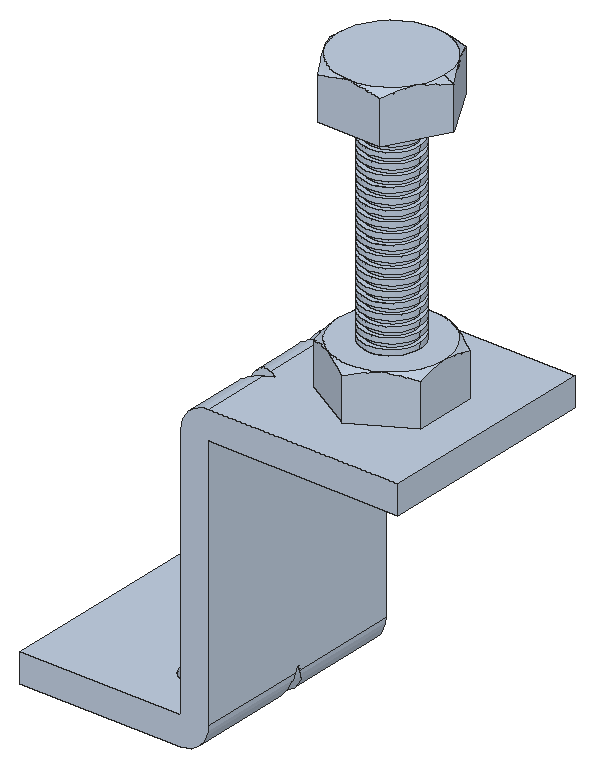
Revit family "HPLZ", category 機械設備, Revit 2020
Family settings
  丸型コネクタ寸法 = 直径を使用
  種別 = なし
  パーツ タイプ = 標準
  作業面ベース = いいえ
  常に垂直 = はい
  ロード時にボイドで切り取り = いいえ
  共有 = はい
  部屋計算ポイント = いいえ
Parameters (values of type "ﾊﾘｼﾀﾋﾟｰｽﾛｯｸ Z40")
  ﾊﾘｼﾀﾋﾟｰｽZ ﾏﾃﾘｱﾙ [instance] = 電気亜鉛メッキ
  高さ = 45 mm
  製造元 = "株式会社サンユー"
  フランジT [instance] = 40 mm
  既定の高さ = 0 mm
  URL = "http://www.3you.co.jp/"
Types (3, lengths in mm): name | ﾊﾘｼﾀﾋﾟｰｽZ ﾏﾃﾘｱﾙ | 高さ | フランジT
  ﾊﾘｼﾀﾋﾟｰｽﾛｯｸ Z20 | none | 25 | 20
  ﾊﾘｼﾀﾋﾟｰｽﾛｯｸ Z40 | 電気亜鉛メッキ | 45 | 40
  ﾊﾘｼﾀﾋﾟｰｽﾛｯｸ Z60 | none | 65 | 60
Reference planes
  plane 1 "中心(正面/背面)": y = 0
  plane 2: z = 0
  plane 3 "中心(左/右)": x = 0
  plane 4: z = 49.5
  plane 5: z = 45
  plane 6: z = 40
  plane 7: z = 12.193
  plane 8: z = 4.5
  plane 9: y = -8.023
  plane 10: x = -9.59
  plane 11: y = 8.023
Forms (mm)
  Extrusion 1, solid, material "電気亜鉛メッキ" <- "ﾊﾘｼﾀﾋﾟｰｽZ ﾏﾃﾘｱﾙ"
    sketch origin (-30, 17.5, 0) x (1, 0, 0) y (0, 0, 1)
      loop
        line (30, 4.5) -> (30, 45) -> (60, 45) -> (60, 49.5) -> (30, 49.5)
        arc (30, 49.5) -> (26.818, 48.182) -> (25.5, 45) r 4.5
        line (25.5, 45) -> (25.5, 4.5) -> (0, 4.5) -> (0, 0) -> (25.5, 0)
        arc (25.5, 0) -> (28.682, 1.318) -> (30, 4.5) r 4.5
    from 0 to 35
  Extrusion 2, void
    sketch origin (0, 0, 0) x (1, 0, 0) y (0, 1, 0)
      loop
        circle (14.998, 0) r 4.5
    from 45 to 49.5
  Extrusion 3, void
    sketch origin (0, -2, 0) x (1, 0, 0) y (0, 1, 0)
      loop
        circle (-9.59, 9.977) r 2.453
    from 0 to 4.5
  Extrusion 4, void
    sketch origin (0, -18, 0) x (1, 0, 0) y (0, 1, 0)
      loop
        circle (-9.59, 9.977) r 2.453
    from 0 to 4.5
  Sweep 5, solid, material "電気亜鉛メッキ" <- "ﾊﾘｼﾀﾋﾟｰｽZ ﾏﾃﾘｱﾙ"
    path origin (0, 0, 0) x (1, 0, 0) y (0, 0, 1)
      loop
        line (-5.024, 13.156) -> (-13.156, 5.024)
    profile origin (-9.09, 0, 9.09) x (0.707107, 0, -0.707107) y (0, -1, 0)
      loop
        line (6.491, 5.495) -> (3.741, 2.745)
        arc (3.741, 2.745) -> (2.417, -0.005) -> (3.741, -2.755) r 3.517
        line (3.741, -2.755) -> (6.491, -5.505) -> (6.491, 5.495)
  Sweep 6, solid, material "電気亜鉛メッキ" <- "ﾊﾘｼﾀﾋﾟｰｽZ ﾏﾃﾘｱﾙ"
    path origin (-5.937, -6, 51.014) x (0, 0, 1) y (-1, 0, 0)
      loop
        line (-5.024, -13.156) -> (-13.156, -5.024)
    profile origin (3.153, -6, 41.924) x (0.707107, 0, -0.707107) y (0, -1, 0)
      loop
        line (-4.491, 3.495) -> (-4.491, -3.505) -> (-2.741, -1.755)
        arc (-2.741, -1.755) -> (-1.869, -0.005) -> (-2.741, 1.745) r 2.192
        line (-2.741, 1.745) -> (-4.491, 3.495)
  Sweep 7, solid, material "電気亜鉛メッキ" <- "ﾊﾘｼﾀﾋﾟｰｽZ ﾏﾃﾘｱﾙ"
    path origin (-5.937, 6, 51.014) x (0, 0, 1) y (1, 0, 0)
      loop
        line (-5.024, 13.156) -> (-13.156, 5.024)
    profile origin (3.153, 6, 41.924) x (-0.707107, 0, 0.707107) y (0, 1, 0)
      loop
        line (4.491, 3.495) -> (2.741, 1.745)
        arc (2.741, 1.745) -> (1.869, -0.005) -> (2.741, -1.755) r 2.192
        line (2.741, -1.755) -> (4.491, -3.505) -> (4.491, 3.495)
  Sweep 8, void
    path origin (-9.687, -6, 54.139) x (0, 0, 1) y (-1, 0, 0)
      loop
        line (-5.024, -13.156) -> (-13.156, -5.024)
    profile origin (-0.597, -6, 45.049) x (0.707107, 0, -0.707107) y (0, -1, 0)
      loop
        line (-4.491, 2.677) -> (-4.491, -2.677)
        arc (-4.491, -2.677) -> (-3.316, -1.202) -> (-1.862, 0) r 9.103
        arc (-1.862, 0) -> (-3.316, 1.202) -> (-4.491, 2.677) r 9.103
  Sweep 9, void
    path origin (-9.687, 6, 54.139) x (0, 0, 1) y (1, 0, 0)
      loop
        line (-5.024, 13.156) -> (-13.156, 5.024)
    profile origin (-0.597, 6, 45.049) x (-0.707107, 0, 0.707107) y (0, 1, 0)
      loop
        arc (4.491, 2.677) -> (3.316, 1.202) -> (1.862, 0) r 9.103
        arc (1.862, 0) -> (3.316, -1.202) -> (4.491, -2.677) r 9.103
        line (4.491, -2.677) -> (4.491, 2.677)
  Sweep 10, void
    path origin (5, 0, -5.048) x (1, 0, 0) y (0, 0, -1)
      loop
        line (-5.024, -13.156) -> (-13.156, -5.024)
    profile origin (-4.09, 0, 4.042) x (-0.707107, 0, 0.707107) y (0, 1, 0)
      loop
        line (-4.491, 2.677) -> (-4.491, -2.677)
        arc (-4.491, -2.677) -> (-3.23, -0.941) -> (-1.301, 0) r 4.438
        arc (-1.301, 0) -> (-3.23, 0.941) -> (-4.491, 2.677) r 4.438
Cuts and joins
  Extrusion 2, Extrusion 3, Extrusion 4, Sweep 8, Sweep 9, Sweep 10 cuts Extrusion 1
  Sweep 9 cuts Sweep 5
  Sweep 9 cuts Sweep 6
  Sweep 9 cuts Sweep 7
  joined: Extrusion 1, Sweep 5, Sweep 6, Sweep 7
Dimensions and locks
  Extrusion 1 to Extrusion 1 to Extrusion 1 to Extrusion 1 = 25.5 mm, 4.5 mm, 30 mm
  Extrusion 1 to Extrusion 1 = 30 mm
  Extrusion 1 to Extrusion 1 = 35 mm  (x2)
  locked: plane 4 to plane 5 at 4.5
  "高さ": plane 5 to level
  "フランジT": plane 6 to level
  aligned and locked: level to plane 2
  aligned and locked: Extrusion 1 to Extrusion 2
  aligned and locked: plane 4 to Extrusion 2
  aligned and locked: plane 5 to cut or joined group 1 (Extrusion 1, Extrusion 2, Extrusion 3, Extrusion 4, Sweep 5, Sweep 6, Sweep 7, Sweep 8, Sweep 9, Sweep 10)
  aligned and locked: nested 2 to cut or joined group 1
  aligned and locked: plane 8 to cut or joined group 1
  aligned and locked: nested 1 to plane 6
Automatic sketch dimensions
  Extrusion 1 sketch curve to plane 8 = 0 mm  (x2)
  Extrusion 1 sketch curve to level = 0 mm
  Extrusion 1 sketch curve to plane 5 = 0 mm  (x2)
  Extrusion 1 sketch curve to plane 3 "中心(左/右)" = 0 mm  (x2)
  Extrusion 1 sketch curve to plane 4 = 0 mm
  Extrusion 1 sketch curve to Extrusion 1 sketch curve = 25.5 mm
  plane 3 "中心(左/右)" to Extrusion 1 sketch curve = 30 mm
  plane 1 "中心(正面/背面)" to Extrusion 2 sketch curve = 0 mm
  plane 3 "中心(左/右)" to Extrusion 2 sketch curve = 14.998 mm
  Extrusion 3 sketch curve to plane 3 "中心(左/右)" = 9.59 mm
  Extrusion 3 sketch curve to plane 1 "中心(正面/背面)" = 7.977 mm
  Extrusion 4 sketch curve to plane 3 "中心(左/右)" = 9.59 mm
  plane 1 "中心(正面/背面)" to Extrusion 4 sketch curve = 8.023 mm
  plane 8 to Sweep 5 sketch curve = 0.524 mm
  Sweep 5 sketch curve to plane 3 "中心(左/右)" = 13.156 mm
  plane 7 to Sweep 5 sketch curve = 0.962 mm
  Sweep 5 sketch curve to plane 3 "中心(左/右)" = 5.024 mm
  Sweep 5 sketch curve to profile plane = 3.741 mm  (x2)
  Sweep 5 sketch curve to profile plane = 0.005 mm
  Sweep 5 sketch curve to Sweep 5 sketch curve = 2.192 mm
  Sweep 5 sketch curve to Sweep 5 sketch curve = 2.75 mm  (x3)
  Sweep 5 sketch curve to profile plane = 2.755 mm
  Sweep 6 sketch curve to plane 3 "中心(左/右)" = 0.913 mm
  Sweep 6 sketch curve to plane 5 = 7.142 mm
  plane 5 to Sweep 6 sketch curve = 0.99 mm
  plane 3 "中心(左/右)" to Sweep 6 sketch curve = 7.218 mm
  profile plane to Sweep 6 sketch curve = 4.491 mm
  Sweep 6 sketch curve to profile plane = 0.005 mm
  Sweep 6 sketch curve to Sweep 6 sketch curve = 0.43 mm
  Sweep 6 sketch curve to Sweep 6 sketch curve = 1.32 mm  (x2)
  Sweep 6 sketch curve to profile plane = 1.755 mm
  Sweep 6 sketch curve to Sweep 6 sketch curve = 1.75 mm  (x2)
  Sweep 7 sketch curve to plane 3 "中心(左/右)" = 0.913 mm
  Sweep 7 sketch curve to plane 5 = 7.142 mm
  plane 5 to Sweep 7 sketch curve = 0.99 mm
  plane 3 "中心(左/右)" to Sweep 7 sketch curve = 7.218 mm
  Sweep 7 sketch curve to profile plane = 2.741 mm  (x2)
  profile plane to Sweep 7 sketch curve = 1.745 mm
  Sweep 7 sketch curve to profile plane = 0.005 mm
  Sweep 7 sketch curve to Sweep 7 sketch curve = 1.32 mm
  Sweep 7 sketch curve to Sweep 7 sketch curve = 1.75 mm  (x3)
  Sweep 8 sketch curve to plane 5 = 4.017 mm
  Sweep 8 sketch curve to plane 4 = 0.385 mm
  plane 3 "中心(左/右)" to Sweep 8 sketch curve = 3.468 mm
  Sweep 8 sketch curve to plane 3 "中心(左/右)" = 4.663 mm
  Sweep 8 sketch curve to profile plane = 0 mm
  profile plane to Sweep 8 sketch curve = 4.491 mm
  Sweep 8 sketch curve to profile plane = 3.178 mm  (x2)
  Sweep 8 sketch curve to profile plane = 2.677 mm
  Sweep 8 sketch curve to profile plane = 7.58 mm
  profile plane to Sweep 8 sketch curve = 2.677 mm
  Sweep 9 sketch curve to plane 5 = 4.017 mm
  Sweep 9 sketch curve to plane 3 "中心(左/右)" = 4.663 mm
  Sweep 9 sketch curve to plane 4 = 0.385 mm
  plane 3 "中心(左/右)" to Sweep 9 sketch curve = 3.468 mm
  profile plane to Sweep 9 sketch curve = 0 mm
  profile plane to Sweep 9 sketch curve = 3.178 mm  (x2)
  Sweep 9 sketch curve to profile plane = 2.677 mm
  Sweep 9 sketch curve to profile plane = 4.491 mm
  Sweep 9 sketch curve to profile plane = 7.58 mm
  profile plane to Sweep 9 sketch curve = 2.677 mm
  Sweep 10 sketch curve to plane 8 = 4.524 mm
  Sweep 10 sketch curve to plane 3 "中心(左/右)" = 8.156 mm
  Sweep 10 sketch curve to plane 7 = 4.086 mm
  Sweep 10 sketch curve to plane 3 "中心(左/右)" = 0.024 mm
  profile plane to Sweep 10 sketch curve = 0 mm
  profile plane to Sweep 10 sketch curve = 4.491 mm
  profile plane to Sweep 10 sketch curve = 0.377 mm  (x2)
  Sweep 10 sketch curve to profile plane = 2.677 mm
  Sweep 10 sketch curve to profile plane = 4.341 mm
  profile plane to Sweep 10 sketch curve = 2.677 mm
  radius of Extrusion 2 sketch curve = 4.5 mm
  radius of Extrusion 3 sketch curve = 2.453 mm
  radius of Extrusion 4 sketch curve = 2.453 mm
Nested families
  nested 1: "ﾎﾞﾙﾄ" at (14.998, 0, 90), type "ﾎﾞﾙﾄ"
    with 高さ 50 mm, ネジ 30
  nested 2: "ﾅｯﾄ" at (14.998, 0, 49.5), type "ﾅｯﾄ"
Definition of nested family "ﾎﾞﾙﾄ"
  Parameters (values of type "ﾎﾞﾙﾄ")
    ﾎﾞﾙﾄ ﾏﾃﾘｱﾙ = none
    高さ = 55 mm
    Default Elevation = 0 mm
    ネジ = 高さ / 1.6 mm - 1  # 33
    ねじ芯R = 3.7 mm
  Reference planes
    plane 1 "中心(正面/背面)": y = 0
    plane 2: z = 0
    plane 3 "中心(左/右)": x = 0
    plane 4: z = 0
    plane 5: z = -55
  Forms (mm)
    Extrusion 1, solid, material <- "ﾎﾞﾙﾄ ﾏﾃﾘｱﾙ"
      sketch origin (-14.99, 0, 0) x (1, 0, 0) y (0, 1, 0)
        loop
          circle (14.99, 0) r 3.7
      from 0 to -55
    Sweep 2, void
      path origin (0, 0, 0) x (1, 0, 0) y (0, 1, 0)
        loop
          circle (0, 0) r 8.5
      profile origin (0, 8.5, 0) x (0, -1, 0) y (0, 0, 1)
        loop
          line (0, 7.7) -> (-1.315, 7.7) -> (-1.315, 6.721)
          arc (-1.315, 6.721) -> (-0.612, 7.149) -> (0, 7.7) r 4.432
    Extrusion 3, solid, material <- "ﾎﾞﾙﾄ ﾏﾃﾘｱﾙ"
      sketch origin (-14.998, 0, -50) x (1, 0, 0) y (0, 1, 0)
        loop
          line (10.09, 8.5) -> (5.183, 0) -> (10.09, -8.5) -> (19.905, -8.5) -> (24.813, 0) -> (19.905, 8.5) -> (10.09, 8.5)
      from 50 to 57.7
  Cuts and joins
    Sweep 2 cuts Extrusion 3
  Dimensions and locks
    equal spacing: group 1, group 2, group 3, group 4, group 5, group 6, group 7, group 8, group 9, group 10, group 11, group 12, group 13, group 14, group 15, group 16, group 17, group 18, group 19, group 20, group 21, group 22, group 23, group 24, group 25, group 26, group 27, group 28, group 29, group 30, group 31, group 32, group 33  (x2)
    equal spacing: group 33, group 32, group 31, group 30, group 29, group 28, group 27, group 26, group 25, group 24, group 23, group 22, group 21, group 20, group 19, group 18, group 17, group 16, group 15, group 14, group 13, group 12, group 11, group 10, group 9, group 8, group 7, group 6, group 5, group 4, group 3, group 2, group 1
    "高さ": plane 4 to plane 5
    "ねじ芯R": radius of Extrusion 1 sketch curve
    aligned and locked: level to plane 2
    aligned and locked: Extrusion 1 to plane 5
  Automatic sketch dimensions
    plane 1 "中心(正面/背面)" to Sweep 2 sketch curve = 0 mm
    Sweep 2 sketch curve to plane 3 "中心(左/右)" = 0 mm
    Sweep 2 sketch curve to profile plane = 0 mm
    profile plane to Sweep 2 sketch curve = 1.315 mm
    profile plane to Sweep 2 sketch curve = 3.259 mm
    profile plane to Sweep 2 sketch curve = 6.721 mm
    Sweep 2 sketch curve to Sweep 2 sketch curve = 0.979 mm
    plane 1 "中心(正面/背面)" to Extrusion 3 sketch curve = 0 mm  (x2)
    Extrusion 3 sketch curve to plane 3 "中心(左/右)" = 9.815 mm
    Extrusion 3 sketch curve to plane 3 "中心(左/右)" = 4.907 mm  (x2)
    plane 3 "中心(左/右)" to Extrusion 3 sketch curve = 4.907 mm  (x2)
    plane 3 "中心(左/右)" to Extrusion 3 sketch curve = 9.815 mm
    plane 1 "中心(正面/背面)" to Extrusion 3 sketch curve = 8.5 mm
    Extrusion 3 sketch curve to plane 1 "中心(正面/背面)" = 8.5 mm
    plane 1 "中心(正面/背面)" to Extrusion 1 sketch curve = 0 mm
    Extrusion 1 sketch curve to plane 3 "中心(左/右)" = 0 mm
    radius of Sweep 2 sketch curve = 8.5 mm
  Nested families
    nested 1: "ねじ山" at (0, 0, -1.312), ねじ山 ﾏﾃﾘｱﾙ <- "ﾎﾞﾙﾄ ﾏﾃﾘｱﾙ", type "ねじ山"
      with 外半径 4.5 mm, 内半径 3.7 mm
    nested 2: "ねじ山" at (0, 0, -2.963), ねじ山 ﾏﾃﾘｱﾙ <- "ﾎﾞﾙﾄ ﾏﾃﾘｱﾙ", type "ねじ山"
      with 外半径 4.5 mm, 内半径 3.7 mm
    nested 3: "ねじ山" at (0, 0, -4.613), ねじ山 ﾏﾃﾘｱﾙ <- "ﾎﾞﾙﾄ ﾏﾃﾘｱﾙ", type "ねじ山"
      with 外半径 4.5 mm, 内半径 3.7 mm
    nested 4: "ねじ山" at (0, 0, -6.263), ねじ山 ﾏﾃﾘｱﾙ <- "ﾎﾞﾙﾄ ﾏﾃﾘｱﾙ", type "ねじ山"
      with 外半径 4.5 mm, 内半径 3.7 mm
    nested 5: "ねじ山" at (0, 0, -7.913), ねじ山 ﾏﾃﾘｱﾙ <- "ﾎﾞﾙﾄ ﾏﾃﾘｱﾙ", type "ねじ山"
      with 外半径 4.5 mm, 内半径 3.7 mm
    nested 6: "ねじ山" at (0, 0, -9.564), ねじ山 ﾏﾃﾘｱﾙ <- "ﾎﾞﾙﾄ ﾏﾃﾘｱﾙ", type "ねじ山"
      with 外半径 4.5 mm, 内半径 3.7 mm
    nested 7: "ねじ山" at (0, 0, -11.214), ねじ山 ﾏﾃﾘｱﾙ <- "ﾎﾞﾙﾄ ﾏﾃﾘｱﾙ", type "ねじ山"
      with 外半径 4.5 mm, 内半径 3.7 mm
    nested 8: "ねじ山" at (0, 0, -12.864), ねじ山 ﾏﾃﾘｱﾙ <- "ﾎﾞﾙﾄ ﾏﾃﾘｱﾙ", type "ねじ山"
      with 外半径 4.5 mm, 内半径 3.7 mm
    nested 9: "ねじ山" at (0, 0, -14.514), ねじ山 ﾏﾃﾘｱﾙ <- "ﾎﾞﾙﾄ ﾏﾃﾘｱﾙ", type "ねじ山"
      with 外半径 4.5 mm, 内半径 3.7 mm
    nested 10: "ねじ山" at (0, 0, -16.165), ねじ山 ﾏﾃﾘｱﾙ <- "ﾎﾞﾙﾄ ﾏﾃﾘｱﾙ", type "ねじ山"
      with 外半径 4.5 mm, 内半径 3.7 mm
    nested 11: "ねじ山" at (0, 0, -17.815), ねじ山 ﾏﾃﾘｱﾙ <- "ﾎﾞﾙﾄ ﾏﾃﾘｱﾙ", type "ねじ山"
      with 外半径 4.5 mm, 内半径 3.7 mm
    nested 12: "ねじ山" at (0, 0, -19.465), ねじ山 ﾏﾃﾘｱﾙ <- "ﾎﾞﾙﾄ ﾏﾃﾘｱﾙ", type "ねじ山"
      with 外半径 4.5 mm, 内半径 3.7 mm
    nested 13: "ねじ山" at (0, 0, -21.115), ねじ山 ﾏﾃﾘｱﾙ <- "ﾎﾞﾙﾄ ﾏﾃﾘｱﾙ", type "ねじ山"
      with 外半径 4.5 mm, 内半径 3.7 mm
    nested 14: "ねじ山" at (0, 0, -22.766), ねじ山 ﾏﾃﾘｱﾙ <- "ﾎﾞﾙﾄ ﾏﾃﾘｱﾙ", type "ねじ山"
      with 外半径 4.5 mm, 内半径 3.7 mm
    nested 15: "ねじ山" at (0, 0, -24.416), ねじ山 ﾏﾃﾘｱﾙ <- "ﾎﾞﾙﾄ ﾏﾃﾘｱﾙ", type "ねじ山"
      with 外半径 4.5 mm, 内半径 3.7 mm
    nested 16: "ねじ山" at (0, 0, -26.066), ねじ山 ﾏﾃﾘｱﾙ <- "ﾎﾞﾙﾄ ﾏﾃﾘｱﾙ", type "ねじ山"
      with 外半径 4.5 mm, 内半径 3.7 mm
    nested 17: "ねじ山" at (0, 0, -27.716), ねじ山 ﾏﾃﾘｱﾙ <- "ﾎﾞﾙﾄ ﾏﾃﾘｱﾙ", type "ねじ山"
      with 外半径 4.5 mm, 内半径 3.7 mm
    nested 18: "ねじ山" at (0, 0, -29.366), ねじ山 ﾏﾃﾘｱﾙ <- "ﾎﾞﾙﾄ ﾏﾃﾘｱﾙ", type "ねじ山"
      with 外半径 4.5 mm, 内半径 3.7 mm
    nested 19: "ねじ山" at (0, 0, -31.017), ねじ山 ﾏﾃﾘｱﾙ <- "ﾎﾞﾙﾄ ﾏﾃﾘｱﾙ", type "ねじ山"
      with 外半径 4.5 mm, 内半径 3.7 mm
    nested 20: "ねじ山" at (0, 0, -32.667), ねじ山 ﾏﾃﾘｱﾙ <- "ﾎﾞﾙﾄ ﾏﾃﾘｱﾙ", type "ねじ山"
      with 外半径 4.5 mm, 内半径 3.7 mm
    nested 21: "ねじ山" at (0, 0, -34.317), ねじ山 ﾏﾃﾘｱﾙ <- "ﾎﾞﾙﾄ ﾏﾃﾘｱﾙ", type "ねじ山"
      with 外半径 4.5 mm, 内半径 3.7 mm
    nested 22: "ねじ山" at (0, 0, -35.967), ねじ山 ﾏﾃﾘｱﾙ <- "ﾎﾞﾙﾄ ﾏﾃﾘｱﾙ", type "ねじ山"
      with 外半径 4.5 mm, 内半径 3.7 mm
    nested 23: "ねじ山" at (0, 0, -37.618), ねじ山 ﾏﾃﾘｱﾙ <- "ﾎﾞﾙﾄ ﾏﾃﾘｱﾙ", type "ねじ山"
      with 外半径 4.5 mm, 内半径 3.7 mm
    nested 24: "ねじ山" at (0, 0, -39.268), ねじ山 ﾏﾃﾘｱﾙ <- "ﾎﾞﾙﾄ ﾏﾃﾘｱﾙ", type "ねじ山"
      with 外半径 4.5 mm, 内半径 3.7 mm
    nested 25: "ねじ山" at (0, 0, -40.918), ねじ山 ﾏﾃﾘｱﾙ <- "ﾎﾞﾙﾄ ﾏﾃﾘｱﾙ", type "ねじ山"
      with 外半径 4.5 mm, 内半径 3.7 mm
    nested 26: "ねじ山" at (0, 0, -42.568), ねじ山 ﾏﾃﾘｱﾙ <- "ﾎﾞﾙﾄ ﾏﾃﾘｱﾙ", type "ねじ山"
      with 外半径 4.5 mm, 内半径 3.7 mm
    nested 27: "ねじ山" at (0, 0, -44.219), ねじ山 ﾏﾃﾘｱﾙ <- "ﾎﾞﾙﾄ ﾏﾃﾘｱﾙ", type "ねじ山"
      with 外半径 4.5 mm, 内半径 3.7 mm
    nested 28: "ねじ山" at (0, 0, -45.869), ねじ山 ﾏﾃﾘｱﾙ <- "ﾎﾞﾙﾄ ﾏﾃﾘｱﾙ", type "ねじ山"
      with 外半径 4.5 mm, 内半径 3.7 mm
    nested 29: "ねじ山" at (0, 0, -47.519), ねじ山 ﾏﾃﾘｱﾙ <- "ﾎﾞﾙﾄ ﾏﾃﾘｱﾙ", type "ねじ山"
      with 外半径 4.5 mm, 内半径 3.7 mm
    nested 30: "ねじ山" at (0, 0, -49.169), ねじ山 ﾏﾃﾘｱﾙ <- "ﾎﾞﾙﾄ ﾏﾃﾘｱﾙ", type "ねじ山"
      with 外半径 4.5 mm, 内半径 3.7 mm
    nested 31: "ねじ山" at (0, 0, -50.82), ねじ山 ﾏﾃﾘｱﾙ <- "ﾎﾞﾙﾄ ﾏﾃﾘｱﾙ", type "ねじ山"
      with 外半径 4.5 mm, 内半径 3.7 mm
    nested 32: "ねじ山" at (0, 0, -52.47), ねじ山 ﾏﾃﾘｱﾙ <- "ﾎﾞﾙﾄ ﾏﾃﾘｱﾙ", type "ねじ山"
      with 外半径 4.5 mm, 内半径 3.7 mm
    nested 33: "ねじ山" at (0, 0, -54.12), ねじ山 ﾏﾃﾘｱﾙ <- "ﾎﾞﾙﾄ ﾏﾃﾘｱﾙ", type "ねじ山"
      with 外半径 4.5 mm, 内半径 3.7 mm
  Definition of nested family "ねじ山"
    Parameters (values of type "ねじ山")
      ねじ山 ﾏﾃﾘｱﾙ [instance] = none
      Default Elevation = 0 mm
      外半径 = 内半径 + 0.8 mm  # 2.9 mm
      内半径 = 2.1 mm
      ねじ山 表示 = yes
    Reference planes
      plane 1 "中心(正面/背面)": y = 0
      plane 2: z = 0
      plane 3 "中心(左/右)": x = 0
    Forms (mm)
      Extrusion 1, solid, material <- "ねじ山 ﾏﾃﾘｱﾙ", visible <- "ねじ山 表示"
        sketch origin (0, 0, 0) x (1, 0, 0) y (0, 1, 0)
          loop
            circle (0, 0) r 2.1
          loop
            circle (0, 0) r 2.9
        from 0 to 0.8
    Dimensions and locks
      "内半径": radius of Extrusion 1 sketch curve
      "外半径": radius of Extrusion 1 sketch curve
      aligned and locked: level to plane 2
    Automatic sketch dimensions
      Extrusion 1 sketch curve to Extrusion 1 sketch curve = 0 mm  (x2)
      plane 1 "中心(正面/背面)" to Extrusion 1 sketch curve = 0 mm
      Extrusion 1 sketch curve to plane 3 "中心(左/右)" = 0 mm
Definition of nested family "ﾅｯﾄ"
  Parameters (values of type "ﾅｯﾄ")
    ﾅｯﾄ ﾏﾃﾘｱﾙ = none
    高さ = 40 mm
    Default Elevation = 0 mm
  Reference planes
    plane 1 "中心(正面/背面)": y = 0
    plane 2: z = 0
    plane 3 "中心(左/右)": x = 0
    plane 4: z = 0
  Forms (mm)
    Extrusion 1, solid, material <- "ﾅｯﾄ ﾏﾃﾘｱﾙ"
      sketch origin (-14.998, 0, 0) x (1, 0, 0) y (0, 1, 0)
        loop
          line (23.498, 4.907) -> (14.998, 9.815) -> (6.498, 4.907) -> (6.498, -4.907) -> (14.998, -9.815) -> (23.498, -4.907) -> (23.498, 4.907)
        loop
          circle (14.998, 0) r 4.5
      from 0 to 7.7
    Sweep 2, void
      path origin (0, 0, 0) x (1, 0, 0) y (0, 1, 0)
        loop
          circle (0, 0) r 8.5
      profile origin (0, 8.5, 0) x (0, -1, 0) y (0, 0, 1)
        loop
          line (0, 7.7) -> (-1.315, 7.7) -> (-1.315, 6.721)
          arc (-1.315, 6.721) -> (-0.612, 7.149) -> (0, 7.7) r 4.432
  Cuts and joins
    Sweep 2 cuts Extrusion 1
  Lines and regions (mm)
    reference lines
      curve 1: circle (0, 0, 0) r 8.5 normal (0, 0, 1)
  Dimensions and locks
    aligned and locked: level to plane 2
